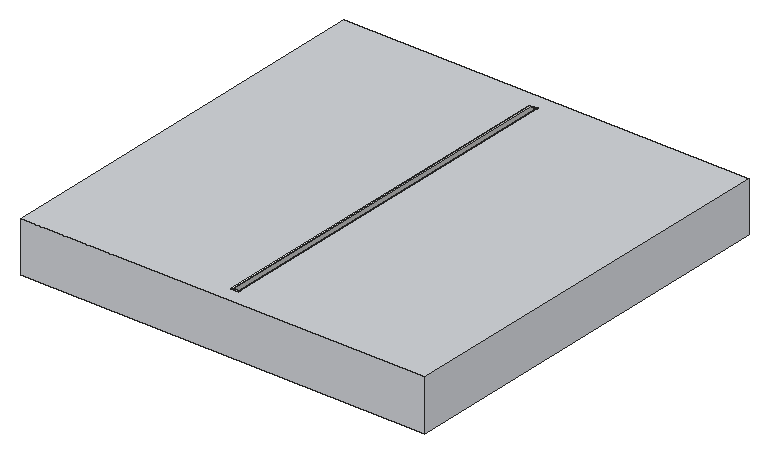
Revit family "LAMP_FIL 35 2240MM OPAL RECESSED", category Luminarias, Revit 2018
Family settings
  Anfitrión = Cara
  Cota de conector redondo = Diámetro de uso
  Tipo de pieza = Normal
  Corte con vacíos al cargar = No
  Origen de luz = Sí
  Compartido = No
  Punto de cálculo de habitación = No
Parameters (values of type "2310LM 3000K  BLACK")
  Ángulo de inclinación = -90.00°
  Weight = 5.35 kg
  Wattage = 21.7 W
  Type = "MID POWER TRIDONIC"
  built-in parameter 1150107 = 3000 (stored number, unit not read)
  Recessed dimensions = "2248x42x0"
  built-in parameter 1150110 = 1 (stored number, unit not read)
  built-in parameter 1150109 = 1 (stored number, unit not read)
  built-in parameter 1150112 = 1 (stored number, unit not read)
  built-in parameter 1150113 = 1 (stored number, unit not read)
  built-in parameter 1114218 = 1 (stored number, unit not read)
  Protection rating = "IP20 / IK07"
  Product datasheet = "http://www.lamp.es/product-files/TECH/F31RE224LOOP830NB-EN.pdf"
  Product code = "F31RE224LOOP830NB"
  Product URL = "https://www.lamp.es/en/family/fil-35_413911"
  Power Supply = "220-240V 50/60Hz"
  Power = 22 W
  Plum = 21.7 W
  Photobiological risk = ""
  NOT COVER 2 [instance] = not(END COVER 2)  # no
  NOT COVER 1 [instance] = not(END COVER 1)  # no
  built-in parameter 1150137 = (empty or 0)
  built-in parameter 1150132 = 2
  Modelo = Product code  # "F31RE224LOOP830NB"
  Model Explanation = ""
  Material suspension = LAMP_Acero genérico
  Material perfil = LAMP_Aluminio Perfil Fil NG
  Material difusor = LAMP_PC Difusor Opal Fil
  Manufacturer name = "LAMP"
  Manufacturer country = "Spain"
  Manufacturer URL = "http://www.lamp.es/en"
  MacAdam = "3"
  Longitud de línea de emisión = 2240 mm
  Last update = "05/05/2021"
  Lamp = "MID-POWER LED"
  LED Lifetime = "50.000 L90 B10"
  built-in parameter 1150105 = 913.22 (stored number, unit not read)
  built-in parameter 1150102 = (empty or 0)
  Insulation class = "I"
  Installation instructions = "https://www.lamp.es/product-files/INS/1004590-A%20INSTR.%20FIL35.pdf"
  built-in parameter 1150106 = 9.1322 (stored number, unit not read)
  IEE = "A+"
  Gear = "Electronic"
  Lumens = 2311.05 lm
  Finish = "Matte black RAL 9011"
  Color Filter = 16777215
  built-in parameter 1114217 = 1 (stored number, unit not read)
  built-in parameter 1150139 = (empty or 0)
  Fabricante = Manufacturer name  # "LAMP"
  Default Elevation = 1219.2 mm
  built-in parameter 1150104 = 9.8942 (stored number, unit not read)
  Efficacy = 106.5 lm/W
  END COVER 2 [instance] = yes
  END COVER 1 [instance] = yes
  Dimensions = "2240x45x76"
  Descripción = "FIL35 REC 2240 3200 WW OPAL BK."
  built-in parameter 1150115 = 1 (stored number, unit not read)
  built-in parameter 1150114 = 1 (stored number, unit not read)
  built-in parameter 1150138 = (empty or 0)
  built-in parameter 1150134 = 3
  Dimming Lamp Color Temperature Shift = (empty or 0)
  CRI = "80"
  Archivo de red fotométrica = "F31RE224LOOP830NB.IES"
  built-in parameter 1150133 = 10 (stored number, unit not read)
Types (12, lengths in mm): name | built-in parameter 1150107 | Product datasheet | Product code | Modelo | Material perfil | built-in parameter 1150105 | built-in parameter 1150106 | Lumens | Finish | built-in parameter 1150104 | Efficacy | Descripción | Archivo de red fotométrica
  2310LM 3000K DALI BLACK | 3000 (stored number, unit not read) | "http://www.lamp.es/product-files/TECH/F31RE224LOOP830DB-EN.pdf" | "F31RE224LOOP830DB" | "F31RE224LOOP830DB" | LAMP_Aluminio Perfil Fil NG | 913.22 (stored number, unit not read) | 9.1322 (stored number, unit not read) | 2311.05 lm | "Matte black RAL 9011" | 9.8942 (stored number, unit not read) | 106.5 lm/W | "FIL35 REC 2240 3200 WW OPAL DALI BK." | "F31RE224LOOP830nB.IES"
  2310LM 3000K DALI GREY | 3000 (stored number, unit not read) | "http://www.lamp.es/product-files/TECH/F31RE224LOOP830DG-EN.pdf" | "F31RE224LOOP830DG" | "F31RE224LOOP830DG" | LAMP_Aluminio Perfil Fil GR | 913.22 (stored number, unit not read) | 9.1322 (stored number, unit not read) | 2311.05 lm | "Gloss grey" | 9.8942 (stored number, unit not read) | 106.5 lm/W | "FIL35 REC 2240 3200 WW OPAL DALI GR." | "F31RE224LOOP830nG.IES"
  2310LM 3000K DALI WHITE | 3000 (stored number, unit not read) | "http://www.lamp.es/product-files/TECH/F31RE224LOOP830DW-EN.pdf" | "F31RE224LOOP830DW" | "F31RE224LOOP830DW" | LAMP_Aluminio Perfil Fil BL | 913.22 (stored number, unit not read) | 9.1322 (stored number, unit not read) | 2311.05 lm | "Matte white RAL 9010" | 9.8942 (stored number, unit not read) | 106.5 lm/W | "FIL35 REC 2240 3200 WW OPAL DALI WH." | "F31RE224LOOP830nW.IES"
  2310LM 3000K  BLACK | 3000 (stored number, unit not read) | "http://www.lamp.es/product-files/TECH/F31RE224LOOP830NB-EN.pdf" | "F31RE224LOOP830NB" | "F31RE224LOOP830NB" | LAMP_Aluminio Perfil Fil NG | 913.22 (stored number, unit not read) | 9.1322 (stored number, unit not read) | 2311.05 lm | "Matte black RAL 9011" | 9.8942 (stored number, unit not read) | 106.5 lm/W | "FIL35 REC 2240 3200 WW OPAL BK." | "F31RE224LOOP830NB.IES"
  2310LM 3000K  GREY | 3000 (stored number, unit not read) | "http://www.lamp.es/product-files/TECH/F31RE224LOOP830NG-EN.pdf" | "F31RE224LOOP830NG" | "F31RE224LOOP830NG" | LAMP_Aluminio Perfil Fil GR | 913.22 (stored number, unit not read) | 9.1322 (stored number, unit not read) | 2311.05 lm | "Gloss grey" | 9.8942 (stored number, unit not read) | 106.5 lm/W | "FIL35 REC 2240 3200 WW OPAL GR." | "F31RE224LOOP830NG.IES"
  2310LM 3000K  WHITE | 3000 (stored number, unit not read) | "http://www.lamp.es/product-files/TECH/F31RE224LOOP830NW-EN.pdf" | "F31RE224LOOP830NW" | "F31RE224LOOP830NW" | LAMP_Aluminio Perfil Fil BL | 913.22 (stored number, unit not read) | 9.1322 (stored number, unit not read) | 2311.05 lm | "Matte white RAL 9010" | 9.8942 (stored number, unit not read) | 106.5 lm/W | "FIL35 REC 2240 3200 WW OPAL WH." | "F31RE224LOOP830NW.IES"
  2432LM 4000K DALI BLACK | 4000 (stored number, unit not read) | "http://www.lamp.es/product-files/TECH/F31RE224LOOP840DB-EN.pdf" | "F31RE224LOOP840DB" | "F31RE224LOOP840DB" | LAMP_Aluminio Perfil Fil NG | 961.24 (stored number, unit not read) | 9.6124 (stored number, unit not read) | 2432.57 lm | "Matte black RAL 9011" | 10.414 (stored number, unit not read) | 112.1 lm/W | "FIL35 REC 2240 3200 NW OPAL DALI BK." | "F31RE224LOOP840nB.IES"
  2432LM 4000K DALI GREY | 4000 (stored number, unit not read) | "http://www.lamp.es/product-files/TECH/F31RE224LOOP840DG-EN.pdf" | "F31RE224LOOP840DG" | "F31RE224LOOP840DG" | LAMP_Aluminio Perfil Fil GR | 961.24 (stored number, unit not read) | 9.6124 (stored number, unit not read) | 2432.57 lm | "Gloss grey" | 10.414 (stored number, unit not read) | 112.1 lm/W | "FIL35 REC 2240 3200 NW OPAL DALI GR." | "F31RE224LOOP840nG.IES"
  2432LM 4000K DALI WHITE | 4000 (stored number, unit not read) | "http://www.lamp.es/product-files/TECH/F31RE224LOOP840DW-EN.pdf" | "F31RE224LOOP840DW" | "F31RE224LOOP840DW" | LAMP_Aluminio Perfil Fil BL | 961.24 (stored number, unit not read) | 9.6124 (stored number, unit not read) | 2432.57 lm | "Matte white RAL 9010" | 10.414 (stored number, unit not read) | 112.1 lm/W | "FIL35 REC 2240 3200 NW OPAL DALI WH." | "F31RE224LOOP840nW.IES"
  2432LM 4000K  BLACK | 4000 (stored number, unit not read) | "http://www.lamp.es/product-files/TECH/F31RE224LOOP840NB-EN.pdf" | "F31RE224LOOP840NB" | "F31RE224LOOP840NB" | LAMP_Aluminio Perfil Fil NG | 961.24 (stored number, unit not read) | 9.6124 (stored number, unit not read) | 2432.57 lm | "Matte black RAL 9011" | 10.414 (stored number, unit not read) | 112.1 lm/W | "FIL35 REC 2240 3200 NW OPAL BK." | "F31RE224LOOP840NB.IES"
  2432LM 4000K  GREY | 4000 (stored number, unit not read) | "http://www.lamp.es/product-files/TECH/F31RE224LOOP840NG-EN.pdf" | "F31RE224LOOP840NG" | "F31RE224LOOP840NG" | LAMP_Aluminio Perfil Fil GR | 961.24 (stored number, unit not read) | 9.6124 (stored number, unit not read) | 2432.57 lm | "Gloss grey" | 10.414 (stored number, unit not read) | 112.1 lm/W | "FIL35 REC 2240 3200 NW OPAL GR." | "F31RE224LOOP840NG.IES"
  2432LM 4000K  WHITE | 4000 (stored number, unit not read) | "http://www.lamp.es/product-files/TECH/F31RE224LOOP840NW-EN.pdf" | "F31RE224LOOP840NW" | "F31RE224LOOP840NW" | LAMP_Aluminio Perfil Fil BL | 961.24 (stored number, unit not read) | 9.6124 (stored number, unit not read) | 2432.57 lm | "Matte white RAL 9010" | 10.414 (stored number, unit not read) | 112.1 lm/W | "FIL35 REC 2240 3200 NW OPAL WH." | "F31RE224LOOP840NW.IES"
Reference planes
  plane 1 "Centro (Frontal/Posterior)": y = 0
  plane 2: z = 0
  plane 3 "Centro (Izquierda/Derecha)": x = 0
Forms (mm)
  Extrusion 1, solid
    sketch origin (0, 0, 0) x (1, 0, 0) y (0, 1, 0)
      loop
        line (-1219.2, 1219.2) -> (-1219.2, -1219.2) -> (1219.2, -1219.2) -> (1219.2, 1219.2) -> (-1219.2, 1219.2)
    from 0 to -304.8
  Extrusion 2, solid, material "LAMP_Aluminio Perfil Fil NG" <- "Material perfil"
    sketch origin (0, 0, -281.8) x (1, 0, 0) y (0, 0, 1)
      loop
        line (-17.5, 281.8) -> (-17.5, 207) -> (0, 207) -> (17.5, 207) -> (17.5, 281.8) -> (22.5, 281.8) -> (22.5, 283) -> (16.5, 283) -> (16.5, 259) -> (0, 259) -> (-16.5, 259) -> (-16.5, 283) -> (-22.5, 283) -> (-22.5, 281.8) -> (-17.5, 281.8)
    from -1120 to 1120
  Extrusion 3, solid, material "LAMP_PC Difusor Opal Fil" <- "Material difusor"
    sketch origin (0, 0, -281.8) x (1, 0, 0) y (0, 0, 1)
      loop
        line (-16.5, 283) -> (-16.5, 281.8) -> (16.5, 281.8) -> (16.5, 283) -> (-16.5, 283)
    from -1120 to 1120
Text (mm)
  text "Any modification of the parameters and properties of the LAMP BIM models must be executed and validated by the LAMP technical department.\nPhone: +34 93 736 68 00\nE-mail: lamp@lamp.es\n\nLAMP reserves the right to modify the technical specifications of its products." at (3099.4, 5332.453, -2854.88), in view "Preview"
Dimensions and locks
  aligned and locked: plane 2 to Extrusion 1
  aligned and locked: level to Extrusion 1
Nested families
  nested 1: "LAMP_FIL 35 END COVER RECESSED" at (0, -1121, -74.8), visible <- "END COVER 1", type "LAMP_FIL 35 END COVER RECESSED"
  nested 2: "LAMP_FIL 35 END COVER RECESSED" at (0, 1121, -74.8) x (-1, 0, 0) z (0, 0, 1), visible <- "END COVER 2", type "LAMP_FIL 35 END COVER RECESSED"
Connectors
  electrical at (0, 0, -75.3)
    settings: on Extrusion 2, index 1, voltage 230 V, apparent load 0 VA, apparent load phase1 0 VA, apparent load phase2 0 VA, apparent load phase3 0 VA, power factor 1, load classification "Otro", number of poles 1, system type 31, power factor state 1, is connector primary yes, connector utility no, sub classification motor no, connector description ""
Definition of nested family "LAMP_FIL 35 END COVER RECESSED"
  Parameters (values of type "LAMP_FIL 35 END COVER RECESSED")
    Material tapa = none
  Reference planes
    plane 1 "Centro (Frontal/Posterior)": y = 0
    plane 2: z = 0
    plane 3 "Centro (Izquierda/Derecha)": x = 0
  Forms (mm)
    Extrusion 1, solid, material <- "Material tapa"
      sketch origin (0, 0, 76.8) x (0, -1, 0) y (0, 0, -1)
        loop
          line (1, 76.8) -> (-1, 76.8) -> (-1, 0.8) -> (5, 0.8) -> (5, 2) -> (1, 2) -> (1, 76.8)
      from -22.5 to 22.5
    Extrusion 2, void
      sketch origin (-5.1, 0, 0) x (1, 0, 0) y (0, 0, 1)
        loop
          line (22.6, 74.8) -> (22.6, 0) -> (27.6, 0) -> (27.6, 74.8) -> (22.6, 74.8)
      from -23.5 to 23.5
    Extrusion 3, void
      sketch origin (5.1, 0, 0) x (1, 0, 0) y (0, 0, 1)
        loop
          line (-22.6, 74.8) -> (-27.6, 74.8) -> (-27.6, 0) -> (-22.6, 0) -> (-22.6, 74.8)
      from -23.5 to 23.5
  Cuts and joins
    Extrusion 2, Extrusion 3 cuts Extrusion 1
  Dimensions and locks
    aligned and locked: level to plane 2
